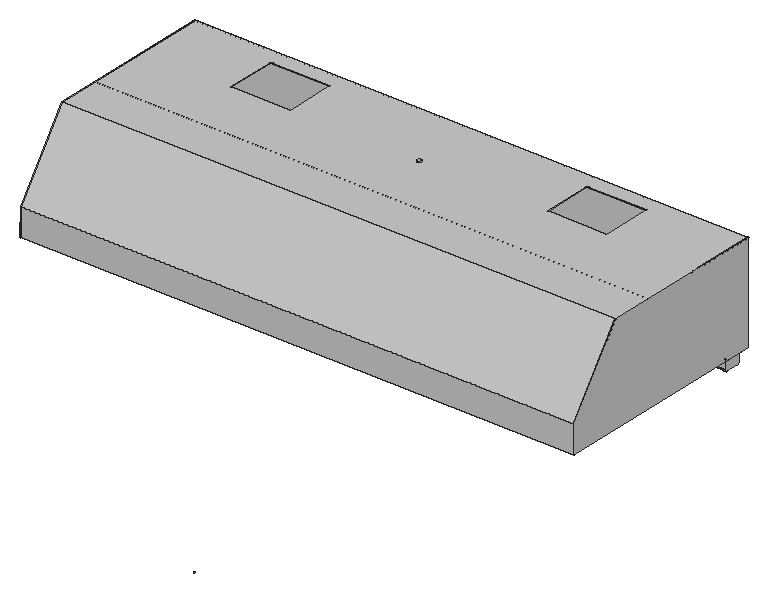
Revit family "QF_ELECTROLUXPROFESSIONAL_644224_ABPV1128BT", category Specialty Equipment, Revit 2014
Reference planes
  plane 1 "Center (Front/Back)": y = 0
  plane 2: z = 0
  plane 3 "Center (Left/Right)": x = 150
  plane 4 "LEFT": x = -1250
  plane 5 "RIGHT": x = 1550
  plane 6 "BACK": y = 550
  plane 7 "FRONT": y = -550
  plane 8 "TOP": z = 2500
  plane 9 "Base": z = 2000
  plane 10: z = 1926
  plane 11 "DrainY": y = 485
  plane 12: x = -1247
  plane 13: through (0, 414.509, 2000.8) normal (0, 0.7314, 0.682)
  plane 14: y = 470
  plane 15: y = 220
  plane 16 "DrainX": x = 1430
  plane 17: x = -500
  plane 18: x = 800
  plane 19: x = -800
  plane 20: x = 1100
  plane 21: x = 1547
  plane 22: x = 1340
  plane 23: x = 1520
  plane 24: x = -1210
  plane 25: x = -845
  plane 26: x = -450
  plane 27: x = 1510
  plane 28: x = 1145
  plane 29: x = 750
  plane 30: z = 2140
  plane 31: y = -290
Forms (mm)
  Extrusion 1, solid, material "QF_Finishes_Stainless Steel"
    sketch origin (-1250, 0, 360) x (0, 1, 0) y (0, 0, 1)
      loop
        line (550, 1640) -> (550, 2140) -> (-290, 2140) -> (-550, 1780) -> (-550, 1640) -> (550, 1640)
    from 0 to 3
  Extrusion 2, solid, material "QF_Finishes_Stainless Steel"
    sketch origin (150, 0, 360) x (0, 1, 0) y (0, 0, 1)
      loop
        line (415.255, 1640) -> (550, 1640) -> (550, 2139.19) -> (549.2, 2139.19) -> (549.2, 1640.8) -> (415.876, 1640.8) -> (339.347, 1722.867) -> (349.609, 1732.436) -> (348.927, 1733.167) -> (337.934, 1722.917) -> (415.255, 1640)
      loop
        line (-82.203, 2139.19) -> (-82.203, 2118.6) -> (-31.047, 2118.6) -> (34.354, 2048.466) -> (46.028, 2059.352) -> (45.346, 2060.083) -> (34.403, 2049.879) -> (-30.612, 2119.6) -> (-81.203, 2119.6) -> (-81.203, 2139.19) -> (-82.203, 2139.19)
    from -1397 to 1397
  Extrusion 3, solid, material "QF_Finishes_Stainless Steel"
    sketch origin (1550, 0, 360) x (0, 1, 0) y (0, 0, 1)
      loop
        line (550, 1640) -> (550, 2140) -> (-290, 2140) -> (-550, 1780) -> (-550, 1640) -> (550, 1640)
    from 0 to -3
  Extrusion 4, solid, material "QF_Finishes_Stainless Steel"
    sketch origin (150, 0, 360) x (0, 1, 0) y (0, 0, 1)
      loop
        line (550, 2139.19) -> (550, 2140) -> (-290, 2140) -> (-550, 1780) -> (-550, 1640) -> (-549.2, 1640) -> (-549.2, 1779.741) -> (-289.598, 2139.19) -> (550, 2139.19)
    from -1400 to 1400
  Extrusion 5, solid, material "QF_Finishes_Stainless Steel"
    sketch origin (150, 0, 360) x (0, 1, 0) y (0, 0, 1)
      loop
        line (534, 1640) -> (436, 1640) -> (436, 1627) -> (443.5, 1627) -> (443.5, 1576)
        arc (443.5, 1576) -> (446.429, 1568.929) -> (453.5, 1566) r 10
        line (453.5, 1566) -> (516.5, 1566)
        arc (516.5, 1566) -> (523.571, 1568.929) -> (526.5, 1576) r 10
        line (526.5, 1576) -> (526.5, 1627) -> (534, 1627) -> (534, 1640)
    from 1190 to 1370
  Extrusion 6, solid, material "QF_Finishes_Stainless Steel"
    sketch origin (0, 0, 2000) x (0, 1, 0) y (-1, 0, 0)
      loop
        circle (485, -1430) r 20
    from -76 to -74
  Extrusion 7, solid, material "QF_Finished_Chrome"
    sketch origin (150, 0, 360) x (0, 1, 0) y (0, 0, 1)
      loop
        line (337.934, 1722.917) -> (341.591, 1726.327) -> (38.011, 2051.876) -> (34.354, 2048.466) -> (337.934, 1722.917)
    from -995 to -1360
  Extrusion 8, solid, material "QF_Finished_Chrome"
    sketch origin (150, 0, 360) x (0, 1, 0) y (0, 0, 1)
      loop
        line (337.934, 1722.917) -> (341.591, 1726.327) -> (38.011, 2051.876) -> (34.354, 2048.466) -> (337.934, 1722.917)
    from 600 to -600
  Extrusion 9, solid, material "QF_Finishes_Stainless Steel"
    sketch origin (150, 0, 360) x (0, 1, 0) y (0, 0, 1)
      loop
        line (337.934, 1722.917) -> (341.591, 1726.327) -> (38.011, 2051.876) -> (34.354, 2048.466) -> (337.934, 1722.917)
    from 1397 to 1360
  Extrusion 10, solid, material "QF_Finishes_Stainless Steel"
    sketch origin (150, 0, 360) x (0, 1, 0) y (0, 0, 1)
      loop
        line (341.588, 1726.324) -> (38.009, 2051.874) -> (34.354, 2048.466) -> (337.934, 1722.917) -> (341.588, 1726.324)
    from -995 to -600
  Extrusion 11, solid, material "QF_Finished_Chrome"
    sketch origin (150, 0, 360) x (0, 1, 0) y (0, 0, 1)
      loop
        line (341.588, 1726.324) -> (38.009, 2051.874) -> (34.354, 2048.466) -> (337.934, 1722.917) -> (341.588, 1726.324)
    from 995 to 1360
  Extrusion 12, void
    sketch origin (0, 0, 2500) x (0, 1, 0) y (-1, 0, 0)
      loop
        line (470, 800) -> (220, 800) -> (220, 500) -> (470, 500) -> (470, 800)
    from 0 to -10
  Extrusion 13, void
    sketch origin (940, 0, 2500) x (0, 1, 0) y (-1, 0, 0)
      loop
        line (470, 140) -> (220, 140) -> (220, -160) -> (470, -160) -> (470, 140)
    from 0 to -10
  Extrusion 14, solid, material "QF_Finishes_Stainless Steel"
    sketch origin (0, 0, 0) x (1, 0, 0) y (0, 1, 0)
      loop
        line (-1250, 550) -> (-1250, 549) -> (-1249, 549) -> (-1249, 550) -> (-1250, 550)
    from 0 to 1
  Extrusion 15, solid, material "QF_Finishes_Stainless Steel"
    sketch origin (150, 0, 360) x (0, 1, 0) y (0, 0, 1)
      loop
        line (337.934, 1722.917) -> (341.591, 1726.327) -> (38.011, 2051.876) -> (34.354, 2048.466) -> (337.934, 1722.917)
    from -1360 to -1397
  Extrusion 16, solid, material "QF_Finishes_Stainless Steel"
    sketch origin (150, 0, 360) x (0, 1, 0) y (0, 0, -1)
      loop
        line (341.588, -1726.324) -> (337.934, -1722.917) -> (34.354, -2048.466) -> (38.009, -2051.874) -> (341.588, -1726.324)
    from -995 to -600
  Extrusion 17, solid, material "QF_Finishes_Stainless Steel"
    sketch origin (0, 0, 2500) x (0, 1, 0) y (-1, 0, 0)
      loop
        circle (220, -150) r 10
    from 0 to 1.6
Cuts and joins
  Extrusion 12, Extrusion 13 cuts Extrusion 4
  joined: Extrusion 2, Extrusion 4
Lines and regions (mm)
  reference lines
    curve 1: line (150, 34.354, 2408.466) -> (150, 34.354, 2248.466)
  symbolic lines, style "SpecialityEquipment", detail levels coarse
    curve 2: line (1550, 550, 2500) -> (-1250, 550, 2500)
    curve 3: line (-1250, 550, 2500) -> (-1250, -550, 2500)
    curve 4: line (1550, -550, 2500) -> (1550, 550, 2500)
    curve 5: line (-1250, -550, 2500) -> (1550, -550, 2500)
    curve 6: line (-800, 220, 2500) -> (-500, 220, 2500)
    curve 7: line (-800, 470, 2500) -> (-800, 220, 2500)
    curve 8: line (-500, 470, 2500) -> (-800, 470, 2500)
    curve 9: line (-500, 220, 2500) -> (-500, 470, 2500)
    curve 10: line (800, 470, 2500) -> (800, 220, 2500)
    curve 11: line (800, 220, 2500) -> (1100, 220, 2500)
    curve 12: line (1100, 470, 2500) -> (800, 470, 2500)
    curve 13: line (1100, 220, 2500) -> (1100, 470, 2500)
    curve 14: line (-1250, -290, 0) -> (1550, -290, 0)
    curve 15: line (-1250, 550, 0) -> (1550, -290, 0)
    curve 16: line (1550, 550, 0) -> (-1250, -290, 0)
Dimensions and locks
  plane 4 "LEFT" to plane 5 "RIGHT" = 2800 mm
  equal spacing: plane 4 "LEFT", plane 3 "Center (Left/Right)", plane 5 "RIGHT"
  locked: plane 8 "TOP" to plane 9 "Base" at 500
  plane 9 "Base" to plane 10 = 74 mm
  plane 6 "BACK" to plane 11 "DrainY" = 65 mm  (x2)
  plane 4 "LEFT" to plane 12 = 3 mm
  plane 6 "BACK" to plane 14 = 80 mm
  plane 14 to plane 15 = 250 mm  (x2)
  plane 16 "DrainX" to plane 5 "RIGHT" = 120 mm
  locked: plane 17 to plane 18 at 1300
  equal spacing: plane 17, plane 3 "Center (Left/Right)", plane 18
  plane 19 to plane 17 = 300 mm
  plane 18 to plane 20 = 300 mm
  plane 21 to plane 5 "RIGHT" = 3 mm
  locked: plane 22 to plane 16 "DrainX" at 90
  locked: plane 16 "DrainX" to plane 23 at 90
  plane 6 "BACK" to plane 7 "FRONT" = 1100 mm  (x2)
  equal spacing: plane 6 "BACK", plane 1 "Center (Front/Back)", plane 7 "FRONT"
  plane 15 to plane 7 "FRONT" = 770 mm
  plane 14 to plane 6 "BACK" = 80 mm
  locked: plane 4 "LEFT" to plane 24 at 40
  locked: plane 24 to plane 25 at 365
  locked: plane 25 to plane 26 at 395
  locked: plane 27 to plane 28 at 365
  locked: plane 28 to plane 29 at 395
  locked: plane 27 to plane 5 "RIGHT" at 40
  plane 26 to plane 29 = 1200 mm
  plane 30 to plane 9 "Base" = 140 mm
  plane 31 to plane 7 "FRONT" = 260 mm
  locked: plane 9 "Base" to level at 2000
  aligned and locked: level to plane 2
  aligned and locked: Extrusion 2 to Extrusion 1
  aligned and locked: Extrusion 2 to Extrusion 3
  aligned and locked: plane 5 "RIGHT" to Extrusion 4
  aligned and locked: Extrusion 4 to plane 4 "LEFT"
  aligned and locked: plane 21 to Extrusion 9
  aligned and locked: plane 19 to Extrusion 12
  aligned and locked: Extrusion 12 to plane 17
  aligned and locked: Extrusion 12 to plane 15
  aligned and locked: Extrusion 12 to plane 14
  aligned and locked: Extrusion 13 to plane 20
  aligned and locked: plane 18 to Extrusion 13
  aligned and locked: plane 23 to Extrusion 5
  aligned and locked: Extrusion 5 to plane 22
  aligned and locked: Extrusion 9 to plane 27
  aligned and locked: Extrusion 11 to plane 27
  aligned and locked: Extrusion 11 to plane 28
  aligned and locked: Extrusion 8 to plane 29
  aligned and locked: Extrusion 8 to plane 26
  aligned and locked: plane 26 to Extrusion 10
  aligned and locked: Extrusion 10 to plane 25
  aligned and locked: plane 25 to Extrusion 7
  aligned and locked: Extrusion 7 to plane 24
  aligned and locked: Extrusion 15 to plane 12
  aligned and locked: plane 24 to Extrusion 15
  aligned and locked: Extrusion 16 to plane 29
  aligned and locked: Extrusion 16 to plane 28
  aligned and locked: Extrusion 3 to plane 21
Automatic sketch dimensions
  curve 5 to plane 4 "LEFT" = 0 mm
  curve 5 to plane 7 "FRONT" = 0 mm
  curve 9 to plane 15 = 0 mm
  curve 10 to plane 15 = 0 mm
  plane 14 to curve 8 = 0 mm
  plane 14 to curve 12 = 0 mm
  curve 3 to plane 6 "BACK" = 0 mm
  curve 5 to plane 5 "RIGHT" = 0 mm
  curve 11 to plane 20 = 0 mm
  curve 10 to plane 18 = 0 mm
  curve 6 to plane 17 = 0 mm
  curve 6 to plane 19 = 0 mm
  Extrusion 2 sketch curve to plane 13 = 0 mm  (x3)
  Extrusion 2 sketch curve to plane 9 "Base" = 0 mm
  plane 13 to Extrusion 2 sketch curve = 0 mm
  Extrusion 2 sketch curve to plane 6 "BACK" = 0 mm
  Extrusion 2 sketch curve to Extrusion 2 sketch curve = 65.646 mm
  Extrusion 2 sketch curve to Extrusion 2 sketch curve = 0.682 mm  (x2)
  Extrusion 2 sketch curve to Extrusion 2 sketch curve = 10.261 mm
  plane 9 "Base" to Extrusion 2 sketch curve = 82.917 mm
  Extrusion 2 sketch curve to plane 1 "Center (Front/Back)" = 46.028 mm
  Extrusion 2 sketch curve to Extrusion 2 sketch curve = 10.942 mm
  Extrusion 2 sketch curve to Extrusion 2 sketch curve = 0.049 mm
  Extrusion 2 sketch curve to plane 8 "TOP" = 20.4 mm
  Extrusion 2 sketch curve to plane 8 "TOP" = 21.4 mm
  Extrusion 2 sketch curve to plane 8 "TOP" = 0.81 mm  (x2)
  Extrusion 2 sketch curve to Extrusion 2 sketch curve = 50.156 mm
  Extrusion 2 sketch curve to Extrusion 2 sketch curve = 1 mm
  plane 9 "Base" to Extrusion 2 sketch curve = 0.8 mm
  Extrusion 2 sketch curve to plane 6 "BACK" = 0.8 mm
  curve 1 to plane 13 = 0 mm
  curve 1 to plane 1 "Center (Front/Back)" = 34.354 mm
  Extrusion 5 sketch curve to plane 9 "Base" = 0 mm
  Extrusion 5 sketch curve to plane 10 = 0 mm
  Extrusion 5 sketch curve to plane 9 "Base" = 13 mm  (x2)
  plane 14 to Extrusion 5 sketch curve = 34 mm
  Extrusion 5 sketch curve to Extrusion 5 sketch curve = 7.5 mm  (x2)
  Extrusion 5 sketch curve to Extrusion 5 sketch curve = 10 mm
  plane 11 "DrainY" to Extrusion 5 sketch curve = 31.5 mm
  Extrusion 5 sketch curve to plane 6 "BACK" = 23.5 mm
  Extrusion 6 sketch curve to plane 11 "DrainY" = 0 mm
  Extrusion 6 sketch curve to plane 16 "DrainX" = 0 mm
  Extrusion 7 sketch curve to plane 13 = 0 mm  (x2)
  Extrusion 7 sketch curve to plane 1 "Center (Front/Back)" = 34.354 mm
  Extrusion 7 sketch curve to Extrusion 7 sketch curve = 3.657 mm
  plane 9 "Base" to Extrusion 7 sketch curve = 82.917 mm
  Extrusion 8 sketch curve to plane 13 = 0 mm  (x2)
  Extrusion 8 sketch curve to plane 1 "Center (Front/Back)" = 34.354 mm
  Extrusion 8 sketch curve to Extrusion 8 sketch curve = 3.657 mm
  plane 9 "Base" to Extrusion 8 sketch curve = 82.917 mm
  Extrusion 9 sketch curve to plane 13 = 0 mm  (x2)
  Extrusion 9 sketch curve to plane 1 "Center (Front/Back)" = 34.354 mm
  Extrusion 9 sketch curve to Extrusion 9 sketch curve = 3.657 mm
  plane 9 "Base" to Extrusion 9 sketch curve = 82.917 mm
  Extrusion 10 sketch curve to plane 13 = 0 mm  (x2)
  Extrusion 10 sketch curve to plane 1 "Center (Front/Back)" = 34.354 mm
  Extrusion 10 sketch curve to Extrusion 10 sketch curve = 3.655 mm
  plane 9 "Base" to Extrusion 10 sketch curve = 82.917 mm
  Extrusion 11 sketch curve to plane 13 = 0 mm  (x2)
  Extrusion 11 sketch curve to plane 1 "Center (Front/Back)" = 34.354 mm
  Extrusion 11 sketch curve to Extrusion 11 sketch curve = 3.655 mm
  plane 9 "Base" to Extrusion 11 sketch curve = 82.917 mm
  Extrusion 12 sketch curve to plane 15 = 0 mm
  plane 14 to Extrusion 12 sketch curve = 0 mm
  Extrusion 12 sketch curve to plane 17 = 0 mm
  Extrusion 12 sketch curve to plane 19 = 0 mm
  Extrusion 13 sketch curve to plane 15 = 0 mm
  plane 14 to Extrusion 13 sketch curve = 0 mm
  Extrusion 13 sketch curve to plane 20 = 0 mm
  Extrusion 13 sketch curve to plane 18 = 0 mm
  Extrusion 14 sketch curve to plane 4 "LEFT" = 0 mm
  Extrusion 14 sketch curve to plane 6 "BACK" = 0 mm
  plane 4 "LEFT" to Extrusion 14 sketch curve = 1 mm
  Extrusion 14 sketch curve to plane 6 "BACK" = 1 mm
  Extrusion 15 sketch curve to plane 13 = 0 mm  (x2)
  Extrusion 15 sketch curve to plane 1 "Center (Front/Back)" = 34.354 mm
  Extrusion 15 sketch curve to Extrusion 15 sketch curve = 3.657 mm
  plane 9 "Base" to Extrusion 15 sketch curve = 82.917 mm
  Extrusion 16 sketch curve to plane 13 = 0 mm  (x2)
  Extrusion 16 sketch curve to plane 1 "Center (Front/Back)" = 34.354 mm
  Extrusion 16 sketch curve to Extrusion 16 sketch curve = 3.655 mm
  plane 9 "Base" to Extrusion 16 sketch curve = 82.917 mm
  curve 1 to curve 1 = 160 mm
  Extrusion 4 sketch curve to plane 7 "FRONT" = 0 mm
  Extrusion 4 sketch curve to plane 8 "TOP" = 0 mm
  Extrusion 4 sketch curve to plane 31 = 0 mm
  Extrusion 4 sketch curve to plane 6 "BACK" = 0 mm
  Extrusion 4 sketch curve to plane 9 "Base" = 0 mm
  Extrusion 4 sketch curve to plane 30 = 0 mm
  Extrusion 4 sketch curve to plane 30 = 0.259 mm
  plane 7 "FRONT" to Extrusion 4 sketch curve = 0.8 mm
  Extrusion 4 sketch curve to Extrusion 4 sketch curve = 0.81 mm
  Extrusion 4 sketch curve to plane 31 = 0.402 mm
  Extrusion 1 sketch curve to plane 7 "FRONT" = 0 mm
  Extrusion 1 sketch curve to plane 8 "TOP" = 0 mm
  Extrusion 1 sketch curve to plane 31 = 0 mm
  Extrusion 1 sketch curve to plane 6 "BACK" = 0 mm
  Extrusion 1 sketch curve to plane 9 "Base" = 0 mm
  Extrusion 1 sketch curve to plane 30 = 0 mm
  Extrusion 3 sketch curve to plane 7 "FRONT" = 0 mm
  Extrusion 3 sketch curve to plane 8 "TOP" = 0 mm
  Extrusion 3 sketch curve to plane 31 = 0 mm
  Extrusion 3 sketch curve to plane 6 "BACK" = 0 mm
  Extrusion 3 sketch curve to plane 9 "Base" = 0 mm
  Extrusion 3 sketch curve to plane 30 = 0 mm
  curve 16 to plane 4 "LEFT" = 0 mm
  curve 15 to plane 4 "LEFT" = 0 mm
  curve 16 to plane 5 "RIGHT" = 0 mm
  curve 14 to plane 5 "RIGHT" = 0 mm
  plane 31 to curve 14 = 0 mm
  curve 16 to plane 6 "BACK" = 0 mm
  curve 15 to plane 6 "BACK" = 0 mm
  Extrusion 17 sketch curve to plane 3 "Center (Left/Right)" = 0 mm
  Extrusion 17 sketch curve to plane 15 = 0 mm
  radius of Extrusion 6 sketch curve = 20 mm
  radius of Extrusion 17 sketch curve = 10 mm
Connectors
  piping at (1430, 485, 1924), diameter 20
    settings: on Extrusion 6, index 1, connector inside diameter 609.6 mm, connector length 0 mm, flow factor 0, pipe flow 0.0 L/s, pressure drop 0.0 Pa, fitting loss kfactor 0, connector angle 0.00°, fixture units 0, engagement length 0 mm, angle of deflection 0.00°, flow configuration 1, flow direction 2, fitting loss method 0, system type 16, joint type 0, gender type 0, connector reference index -1, connector utility 0, adjustable connector no, is connector primary yes, connector description "Drain"
  hvac at (-650, 345, 2500)
    settings: on Extrusion 12, index 2, duct flow 0.0 L/s, flow factor 0, pres drop 0.0 Pa, loss coef 0, conn angle 0.00°, conn width 250 mm, conn height 300 mm, conn diameter 609.6 mm, duct sys type 3, conn prof type 1, flow config 1, flow direction 2, loss method 0, conn ref index -1, conn util no, is conn primary yes, conn desc "EXHAUST OUTLET"
  hvac at (950, 345, 2500)
    settings: on Extrusion 13, index 3, duct flow 0.0 L/s, flow factor 0, pres drop 0.0 Pa, loss coef 0, conn angle 0.00°, conn width 250 mm, conn height 300 mm, conn diameter 609.6 mm, duct sys type 3, conn prof type 1, flow config 1, flow direction 2, loss method 0, conn ref index -1, conn util no, is conn primary no, conn desc "EXHAUST OUTLET"
  electrical at (150, 220, 2501.6)
    settings: on Extrusion 17, index 4, voltage 0 V, apparent load 0 VA, apparent load phase1 0 VA, apparent load phase2 0 VA, apparent load phase3 0 VA, power factor 1, load classification "Other", number of poles 1, system type 30, power factor state 1, is connector primary yes, connector utility no, sub classification motor no, connector description "Electrical Connection"
